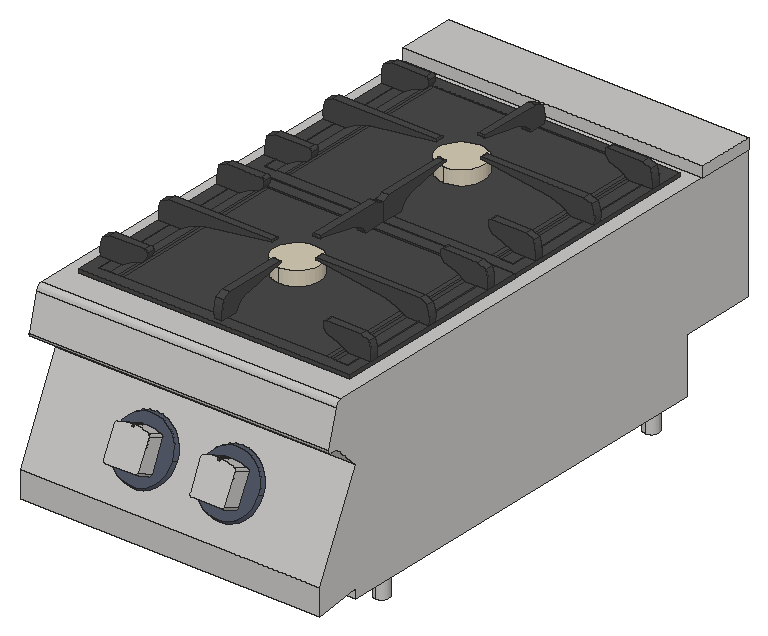
Revit family "QF_ZANUSSI_372146_Z7GCGD2C0A", category Specialty Equipment, Revit 2018
Family settings
  Round Connector Dimension = Use Diameter
  Part Type = Normal
  Work Plane-Based = No
  Always vertical = Yes
  Cut with Voids When Loaded = No
  Shared = No
  Room Calculation Point = No
Parameters (values of type "Standard")
  Weight = 20.00 kg
  Watts = 0 W
  Volts = 0 V
  URL Manufacturer = "http://www.zanussiprofessional.com"
  URL = "http://www.zanussiprofessional.com"
  Steam Supply Size = 0"
  Steam Supply Minimum Pressure = 0.00 psi
  Steam Supply Maximum Pressure = 0.00 psi
  Steam Pounds per Hour = 0
  Show Logo [instance] = yes
  Show Clearance [instance] = yes
  Refrigeration Suction Line Size = 0"
  Refrigeration Liquid Line Size = 0"
  Refrigerant Compressor Remote = yes
  Phase = 0
  Model = "Z7GCGD2C0A"
  Manufacturer = "Zanussi"
  Length Actual = 400 mm  # constant formula
  Item Number = "372146"
  Hot Water Size = 0"
  Height Actual = 250 mm  # constant formula
  HP = "0 HP"
  Gas Size = 1/2"
  Gas KW = 11
  Gas Input Pressure = 0.367718 Btu/h
  Direct Waste Size = 0"
  Description = "2-BURNER GAS BOILING TOP 400 MM (AGA)"
  Depth Actual = 700 mm  # constant formula
  Cycle = 0 Hz
  Condensate Return Size = 0"
  Compressed Air Volume = 0 GPM
  Compressed Air Size = 0"
  Compressed Air Pressure = 0.00 psi
  Cold Water Size = 0"
  Assembly Code = ""
  Accessory = yes
Reference planes
  plane 1 "BACK": y = 0
  plane 2: z = 0
  plane 3 "LEFT": x = 0
  plane 4 "RIGHT": x = 400
  plane 5 "FRONT": y = -715
  plane 6 "TOP": z = 274
  plane 7 "Center Y": x = 200
  plane 8 "Center X": y = -357.5
  plane 9: z = 24
  plane 10: z = 288.925
  plane 11: z = 308
  plane 12 "PANEL": through (-6096, -654.982, 186.002) normal (0, -0.8956, 0.4448)
Forms (mm)
  Extrusion 1, solid, material "QF_Finishes_Stainless Steel"
    sketch origin (0, 0.188, -0.612) x (0, 1, 0) y (0, 0, 1)
      loop
        line (-0.188, 98.613) -> (-0.188, 274.613) -> (-679.546, 274.613)
        arc (-679.546, 274.613) -> (-684.831, 272.423) -> (-687.02, 267.138) r 7.474
        line (-687.02, 267.138) -> (-700.071, 221.623)
        arc (-700.071, 221.623) -> (-699.583, 218.991) -> (-697.188, 217.796) r 3
        line (-697.188, 217.796) -> (-686.989, 217.796) -> (-655.169, 185.977) -> (-715.188, 65.121) -> (-715.188, 30.121) -> (-658.833, 38.041)
        arc (-658.833, 38.041) -> (-656.288, 37.287) -> (-655.188, 34.872) r 3.2
        line (-655.188, 34.872) -> (-655.188, 24.613) -> (-103.188, 24.613) -> (-103.188, 98.613) -> (-0.188, 98.613)
    from 0 to 400
  Extrusion 2, solid, material "QF_Finishes_Stainless Steel"
    sketch origin (0, -16, 0) x (1, 0, 0) y (0, 1, 0)
      loop
        circle (11.112, -132) r 9.525
      loop
        circle (388.888, -132) r 9.525
      loop
        circle (11.112, -582) r 9.525
      loop
        circle (388.888, -582) r 9.525
    from 0 to 24
  Extrusion 3, solid, material "QF_Finishes_Stainless Steel"
    sketch origin (0, 0, 0) x (0, 1, 0) y (0, 0, 1)
      loop
        line (0, 274) -> (0, 288.925) -> (-76.2, 288.925) -> (-76.2, 274) -> (0, 274)
    from 0 to 400
  Extrusion 4, solid, material "QF_Finishes_Clearance", visible <- "Show Clearance", detail levels coarse
    sketch origin (0, 0, 0) x (1, 0, 0) y (0, 1, 0)
      loop
        line (-150, -715) -> (0, -715) -> (0, 0) -> (400, 0) -> (400, -715) -> (550, -715) -> (550, 150) -> (-150, 150) -> (-150, -715)
    from 0 to 308.638
  Blend 5, solid, material "QF_Finishes_Navy Blue"
    base sketch origin (142.525, -684.991, 125.574) x (1, 0, 0) y (0, 0.444781, 0.895639)
      loop
        circle (-0.025, 0) r 42.5
    top sketch origin (142.525, -684.991, 125.574) x (1, 0, 0) y (0, 0.444781, 0.895639)
      loop
        circle (-0.025, 0) r 40.5
    from 0 to 5
  Extrusion 6, solid, material "QF_Finishes_Stainless Steel"
    sketch origin (142.525, -684.991, 125.574) x (1, 0, 0) y (0, 0.444781, 0.895639)
      loop
        arc (-21.172, 22.789) -> (-22.519, 21.685) -> (-23.025, 20.019) r 2.997
        line (-23.025, 20.019) -> (-23.025, -20.019)
        arc (-23.025, -20.019) -> (-22.147, -22.138) -> (-20.028, -23.016) r 2.997
        line (-20.028, -23.016) -> (19.978, -23.016)
        arc (19.978, -23.016) -> (22.097, -22.138) -> (22.975, -20.019) r 2.997
        line (22.975, -20.019) -> (22.975, 20.019)
        arc (22.975, 20.019) -> (22.469, 21.685) -> (21.122, 22.789) r 2.997
        arc (21.122, 22.789) -> (-0.025, 26.984) -> (-21.172, 22.789) r 55.4
    from 10 to 34
  Extrusion 7, solid, material "QF_Plastic-Black-Matte"
    sketch origin (200.025, -684.991, 125.574) x (0, 0.444781, 0.895639) y (0, -0.895639, 0.444781)
      loop
        line (26.984, 34) -> (26.984, 19) -> (27.984, 19) -> (27.984, 34)
        arc (27.984, 34) -> (27.691, 34.707) -> (26.984, 35) r 1
        line (26.984, 35) -> (23.984, 35) -> (23.984, 34) -> (26.984, 34)
    from -58.5 to -56.5
  Extrusion 8, solid, material "QF_Finishes_Stainless Steel"
    sketch origin (142.525, -684.991, 125.574) x (1, 0, 0) y (0, 0.444781, 0.895639)
      loop
        line (17.475, 17.5) -> (-17.525, 17.5) -> (-17.525, -17.5) -> (17.475, -17.5) -> (17.475, 17.5)
    from 5 to 10
  Extrusion 9, solid, material "QF_Plastic-Black-Matte"
    sketch origin (200.025, -684.991, 125.574) x (0, 0.444781, 0.895639) y (0, 0.895639, -0.444781)
      loop
        line (26.984, -34) -> (23.984, -34) -> (23.984, -35) -> (26.984, -35)
        arc (26.984, -35) -> (27.691, -34.707) -> (27.984, -34) r 1
        line (27.984, -34) -> (27.984, -19) -> (26.984, -19) -> (26.984, -34)
    from -58.5 to -56.5
  Extrusion 10, solid, material "QF_Finishes_Stainless Steel"
    sketch origin (257.525, -684.991, 125.574) x (-1, 0, 0) y (0, -0.444781, -0.895639)
      loop
        line (17.525, -17.5) -> (17.525, 17.5) -> (-17.475, 17.5) -> (-17.475, -17.5) -> (17.525, -17.5)
    from 5 to 10
  Blend 11, solid, material "QF_Finishes_Navy Blue"
    base sketch origin (257.525, -684.991, 125.574) x (1, 0, 0) y (0, 0.444781, 0.895639)
      loop
        circle (-0.025, 0) r 42.5
    top sketch origin (257.525, -684.991, 125.574) x (1, 0, 0) y (0, 0.444781, 0.895639)
      loop
        circle (-0.025, 0) r 40.5
    from 0 to 5
  Extrusion 12, solid, material "QF_Finishes_Stainless Steel"
    sketch origin (257.525, -684.991, 125.574) x (-1, 0, 0) y (0, -0.444781, -0.895639)
      loop
        arc (-21.122, -22.789) -> (0.025, -26.984) -> (21.172, -22.789) r 55.4
        arc (21.172, -22.789) -> (22.519, -21.685) -> (23.025, -20.019) r 2.997
        line (23.025, -20.019) -> (23.025, 20.019)
        arc (23.025, 20.019) -> (22.147, 22.138) -> (20.028, 23.016) r 2.997
        line (20.028, 23.016) -> (-19.978, 23.016)
        arc (-19.978, 23.016) -> (-22.097, 22.138) -> (-22.975, 20.019) r 2.997
        line (-22.975, 20.019) -> (-22.975, -20.019)
        arc (-22.975, -20.019) -> (-22.469, -21.685) -> (-21.122, -22.789) r 2.997
    from 10 to 34
  Extrusion 13, solid, material "QF_Finishes_Stainless Steel"
    sketch origin (0, 0, 0) x (1, 0, 0) y (0, 0, 1)
      loop
        circle (347, 57) r 6.35
    from 80.2 to 103.188
Lines and regions (mm)
  Split face 1
    outline origin (142.525, -689.469, 127.797) x (1, 0, 0) y (0, 0.444781, 0.895639)
      loop
        circle (-33, 0) r 3
  Split face 2
    outline origin (263.426, -689.469, 127.797) x (1, 0, 0) y (0, 0.444781, 0.895639)
      loop
        line (-8.901, 38.561) -> (-8.901, 28.561) -> (-2.901, 28.561) -> (-2.901, 38.561) -> (-8.901, 38.561)
  Split face 3
    outline origin (263.426, -689.469, 127.797) x (1, 0, 0) y (0, 0.444781, 0.895639)
      loop
        line (-8.401, 38.061) -> (-8.401, 29.061) -> (-3.401, 29.061) -> (-3.401, 38.061) -> (-8.401, 38.061)
  Split face 4
    outline origin (263.426, -689.469, 127.797) x (1, 0, 0) y (0, 0.444781, 0.895639)
      loop
        line (-8.401, 33.561) -> (-3.401, 33.561)
  Split face 5
    outline origin (263.426, -689.469, 127.797) x (1, 0, 0) y (0, 0.444781, 0.895639)
      loop
        line (-8.401, 33.061) -> (-3.401, 33.061)
  Split face 6
    outline origin (148.426, -689.469, 127.797) x (1, 0, 0) y (0, 0.444781, 0.895639)
      loop
        line (-8.901, 38.561) -> (-8.901, 28.561) -> (-2.901, 28.561) -> (-2.901, 38.561) -> (-8.901, 38.561)
  Split face 7
    outline origin (148.426, -689.469, 127.797) x (1, 0, 0) y (0, 0.444781, 0.895639)
      loop
        line (-8.401, 38.061) -> (-8.401, 29.061) -> (-3.401, 29.061) -> (-3.401, 38.061) -> (-8.401, 38.061)
  Split face 8
    outline origin (148.426, -689.469, 127.797) x (1, 0, 0) y (0, 0.444781, 0.895639)
      loop
        line (-8.401, 34.061) -> (-3.401, 34.061)
  Split face 9
    outline origin (148.426, -689.469, 127.797) x (1, 0, 0) y (0, 0.444781, 0.895639)
      loop
        line (-8.401, 33.561) -> (-3.401, 33.561)
  Split face 10
    outline origin (168.182, -675.159, 156.613) x (-1, 0, 0) y (0, -0.444781, -0.895639)
      loop
        circle (43.456, 61.543) r 1.5
  Split face 11
    outline origin (148.426, -689.469, 127.797) x (1, 0, 0) y (0, 0.444781, 0.895639)
      loop
        circle (-5.901, 31.311) r 2.029
  Split face 12
    outline origin (263.426, -689.469, 127.797) x (1, 0, 0) y (0, 0.444781, 0.895639)
      loop
        circle (-5.901, 35.811) r 2.031
  Split face 13
    outline origin (142.525, -689.469, 127.797) x (1, 0, 0) y (0, 0.444781, 0.895639)
      loop
        circle (-24.487, 26.694) r 3.497
  Split face 14
    outline origin (257.525, -689.469, 127.797) x (1, 0, 0) y (0, 0.444781, 0.895639)
      loop
        circle (-24.487, 26.694) r 3.497
  Split face 15
    outline origin (257.525, -689.469, 127.797) x (1, 0, 0) y (0, 0.444781, 0.895639)
      loop
        circle (-33, 0) r 3
  Split face 16
    outline origin (257.525, -689.469, 127.797) x (1, 0, 0) y (0, 0.444781, 0.895639)
      loop
        circle (-17.8, -29.371) r 1.5
  symbolic lines
    curve 1: line (0, 0, 0) -> (0, -715, 0)
    curve 2: line (400, 0, 0) -> (0, 0, 0)
    curve 3: line (400, -715, 0) -> (400, 0, 0)
    curve 4: line (0, -76.2, 0) -> (400, -76.2, 0)
    curve 5: line (0, -700, 0) -> (400, -700, 0)
    curve 9: line (119.5, -700, 0) -> (119.5, -724.347, 0)
    curve 10: arc (119.5, -724.347, 0) -> (119.646, -724.811, 0) -> (120.032, -725.107, 0) r 0.809
    curve 11: arc (120.032, -725.107, 0) -> (121.22, -725.587, 0) -> (122.497, -725.68, 0) r 4.127
    curve 12: arc (119.5, -704.292, 0) -> (114.459, -702.458, 0) -> (109.691, -700, 0) r 42.24
    curve 13: arc (119.5, -706.539, 0) -> (120.002, -705.818, 0) -> (120.799, -705.448, 0) r 1.682
    curve 14: arc (120.799, -705.448, 0) -> (131.102, -703.95, 0) -> (141.5, -703.441, 0) r 109.079
    curve 15: line (141.5, -700, 0) -> (141.5, -705.671, 0)
    curve 16: line (141.5, -705.671, 0) -> (143.5, -705.671, 0)
    curve 17: line (143.5, -705.671, 0) -> (143.5, -700, 0)
    curve 18: line (165.5, -700, 0) -> (165.5, -724.347, 0)
    curve 19: arc (165.5, -724.347, 0) -> (165.354, -724.811, 0) -> (164.968, -725.107, 0) r 0.809
    curve 20: arc (164.968, -725.107, 0) -> (163.78, -725.587, 0) -> (162.503, -725.68, 0) r 4.127
    curve 21: arc (165.5, -704.292, 0) -> (170.541, -702.458, 0) -> (175.309, -700, 0) r 42.24
    curve 22: arc (165.5, -706.539, 0) -> (164.998, -705.818, 0) -> (164.201, -705.448, 0) r 1.682
    curve 23: arc (164.201, -705.448, 0) -> (153.898, -703.95, 0) -> (143.5, -703.441, 0) r 109.079
    curve 24: line (122.497, -725.68, 0) -> (162.503, -725.68, 0)
    curve 25: line (280.5, -700, 0) -> (280.5, -724.347, 0)
    curve 26: arc (280.5, -724.347, 0) -> (280.354, -724.811, 0) -> (279.968, -725.107, 0) r 0.809
    curve 27: arc (279.968, -725.107, 0) -> (278.78, -725.587, 0) -> (277.503, -725.68, 0) r 4.127
    curve 28: arc (280.5, -704.292, 0) -> (285.541, -702.458, 0) -> (290.309, -700, 0) r 42.24
    curve 29: arc (280.5, -706.539, 0) -> (279.998, -705.818, 0) -> (279.201, -705.448, 0) r 1.682
    curve 30: arc (279.201, -705.448, 0) -> (268.898, -703.95, 0) -> (258.5, -703.441, 0) r 109.079
    curve 31: line (258.5, -700, 0) -> (258.5, -705.671, 0)
    curve 32: line (258.5, -705.671, 0) -> (256.5, -705.671, 0)
    curve 33: line (256.5, -705.671, 0) -> (256.5, -700, 0)
    curve 34: line (234.5, -700, 0) -> (234.5, -724.347, 0)
    curve 35: arc (234.5, -724.347, 0) -> (234.646, -724.811, 0) -> (235.032, -725.107, 0) r 0.809
    curve 36: arc (235.032, -725.107, 0) -> (236.22, -725.587, 0) -> (237.497, -725.68, 0) r 4.127
    curve 37: arc (234.5, -704.292, 0) -> (229.459, -702.458, 0) -> (224.691, -700, 0) r 42.24
    curve 38: arc (234.5, -706.539, 0) -> (235.002, -705.818, 0) -> (235.799, -705.448, 0) r 1.682
    curve 39: arc (235.799, -705.448, 0) -> (246.102, -703.95, 0) -> (256.5, -703.441, 0) r 109.079
    curve 40: line (277.503, -725.68, 0) -> (237.497, -725.68, 0)
    curve 41: line (165.5, -715, 0) -> (234.5, -715, 0)
    curve 42: line (280.5, -715, 0) -> (400, -715, 0)
    curve 43: line (0, -715, 0) -> (119.5, -715, 0)
  symbolic lines, style "QF-Clearances", visible <- "Show Clearance", detail levels coarse
    curve 6: line (-150, -714.879, 0) -> (-150, 150, 0)
    curve 7: line (-150, 150, 0) -> (550, 150, 0)
    curve 8: line (550, 150, 0) -> (550, -714.879, 0)
Dimensions and locks
  equal spacing: plane 3 "LEFT", plane 7 "Center Y", plane 4 "RIGHT"
  plane 3 "LEFT" to plane 4 "RIGHT" = 400 mm
  equal spacing: plane 5 "FRONT", plane 8 "Center X", plane 1 "BACK"
  plane 5 "FRONT" to plane 1 "BACK" = 715 mm
  plane 10 to level = 288.925 mm
  plane 6 "TOP" to plane 9 = 250 mm
  plane 9 to level = 24 mm  (x2)
  plane 11 to plane 6 "TOP" = 34 mm
  plane 1 "BACK" to plane 5 "FRONT" = 715 mm
  plane 6 "TOP" to level = 274 mm
  aligned and locked: level to plane 2
  aligned and locked: plane 4 "RIGHT" to Extrusion 1
  aligned and locked: plane 4 "RIGHT" to Extrusion 3
Automatic sketch dimensions
  Extrusion 3 sketch curve to plane 6 "TOP" = 0 mm
  Extrusion 3 sketch curve to plane 10 = 0 mm
  Extrusion 3 sketch curve to plane 1 "BACK" = 0 mm
  plane 1 "BACK" to Extrusion 3 sketch curve = 76.2 mm
  Extrusion 6 sketch curve to Extrusion 6 sketch curve = 2.997 mm  (x4)
  Extrusion 6 sketch curve to Extrusion 6 sketch curve = 20.003 mm  (x2)
  Extrusion 6 sketch curve to Extrusion 6 sketch curve = 0 mm  (x2)
  Extrusion 7 sketch curve to Extrusion 7 sketch curve = 3 mm
  Extrusion 7 sketch curve to Extrusion 7 sketch curve = 0 mm  (x2)
  Extrusion 7 sketch curve to Extrusion 7 sketch curve = 1 mm
  Extrusion 8 sketch curve to Extrusion 8 sketch curve = 35 mm  (x2)
  Extrusion 9 sketch curve to Extrusion 9 sketch curve = 3 mm
  Extrusion 9 sketch curve to Extrusion 9 sketch curve = 0 mm
  Extrusion 9 sketch curve to Extrusion 9 sketch curve = 1 mm  (x2)
  Extrusion 10 sketch curve to Extrusion 10 sketch curve = 35 mm  (x2)
  Extrusion 12 sketch curve to Extrusion 12 sketch curve = 2.997 mm  (x4)
  Extrusion 12 sketch curve to Extrusion 12 sketch curve = 20.003 mm  (x2)
  Extrusion 12 sketch curve to Extrusion 12 sketch curve = 0 mm  (x2)
  Extrusion 6 sketch curve to Extrusion 6 sketch curve = 5.399 mm
  Extrusion 6 sketch curve to Extrusion 6 sketch curve = 40.037 mm
  Extrusion 7 sketch curve to Extrusion 7 sketch curve = 15 mm
  Extrusion 9 sketch curve to Extrusion 9 sketch curve = 15 mm
  Extrusion 12 sketch curve to Extrusion 12 sketch curve = 5.399 mm
  Extrusion 12 sketch curve to Extrusion 12 sketch curve = 40.037 mm
  Split face 2 sketch curve to Split face 2 sketch curve = 6 mm
  Split face 2 sketch curve to Split face 2 sketch curve = 10 mm
  Split face 3 sketch curve to Split face 3 sketch curve = 5 mm
  Split face 3 sketch curve to Split face 3 sketch curve = 9 mm
  Split face 4 sketch curve to Split face 4 sketch curve = 5 mm
  Split face 5 sketch curve to Split face 5 sketch curve = 5 mm
  Split face 6 sketch curve to Split face 6 sketch curve = 6 mm
  Split face 6 sketch curve to Split face 6 sketch curve = 10 mm
  Split face 7 sketch curve to Split face 7 sketch curve = 5 mm
  Split face 7 sketch curve to Split face 7 sketch curve = 9 mm
  Split face 8 sketch curve to Split face 8 sketch curve = 5 mm
  Split face 9 sketch curve to Split face 9 sketch curve = 5 mm
  Blend 5 sketch curve to plane 7 "Center Y" = 57.5 mm  (x2)
  Extrusion 6 sketch curve to plane 7 "Center Y" = 80.5 mm
  plane 12 "PANEL" to Extrusion 7 sketch curve = 35 mm
  Extrusion 7 sketch curve to plane 5 "FRONT" = 9.329 mm
  Extrusion 8 sketch curve to plane 7 "Center Y" = 75 mm
  plane 12 "PANEL" to Extrusion 9 sketch curve = 35 mm
  Extrusion 9 sketch curve to plane 5 "FRONT" = 9.329 mm
  plane 7 "Center Y" to Extrusion 10 sketch curve = 75 mm
  plane 7 "Center Y" to Blend 11 sketch curve = 57.5 mm  (x2)
  plane 7 "Center Y" to Extrusion 12 sketch curve = 80.5 mm
  Extrusion 2 sketch curve to Extrusion 2 sketch curve = 0 mm  (x8)
  plane 3 "LEFT" to Extrusion 2 sketch curve = 11.112 mm  (x2)
  Extrusion 2 sketch curve to plane 4 "RIGHT" = 11.112 mm  (x2)
  Extrusion 2 sketch curve to plane 5 "FRONT" = 117 mm  (x2)
  plane 1 "BACK" to Extrusion 2 sketch curve = 148 mm  (x2)
  Extrusion 2 sketch curve to Extrusion 2 sketch curve = 9.525 mm  (x4)
  plane 5 "FRONT" to Extrusion 4 sketch curve = 0 mm  (x2)
  Extrusion 4 sketch curve to plane 3 "LEFT" = 0 mm
  plane 1 "BACK" to Extrusion 4 sketch curve = 0 mm
  Extrusion 4 sketch curve to plane 4 "RIGHT" = 0 mm
  Extrusion 4 sketch curve to plane 3 "LEFT" = 150 mm
  plane 4 "RIGHT" to Extrusion 4 sketch curve = 150 mm
  Extrusion 4 sketch curve to plane 1 "BACK" = 150 mm
  Extrusion 13 sketch curve to plane 4 "RIGHT" = 53 mm
  plane 9 to Extrusion 13 sketch curve = 33 mm
  plane 1 "BACK" to curve 2 = 0 mm
  curve 2 to plane 3 "LEFT" = 0 mm
  plane 5 "FRONT" to curve 41 = 0 mm
  plane 5 "FRONT" to curve 42 = 0 mm
  curve 3 to plane 4 "RIGHT" = 0 mm
  plane 5 "FRONT" to curve 1 = 0 mm
  curve 7 to plane 3 "LEFT" = 150 mm
  plane 5 "FRONT" to curve 9 = 9.347 mm
  curve 9 to plane 7 "Center Y" = 80.5 mm
  curve 9 to curve 10 = 0.809 mm
  curve 13 to curve 13 = 1.583 mm
  curve 10 to curve 11 = 1.846 mm
  curve 10 to curve 24 = 2.189 mm
  curve 9 to curve 12 = 11.892 mm
  curve 16 to plane 5 "FRONT" = 9.329 mm
  curve 13 to curve 16 = 20.417 mm
  curve 14 to plane 7 "Center Y" = 58.369 mm
  curve 14 to curve 23 = 1.738 mm
  curve 15 to curve 16 = 2 mm
  curve 12 to curve 21 = 22.215 mm
  curve 16 to curve 24 = 19.003 mm
  curve 24 to curve 20 = 0.343 mm
  curve 20 to curve 22 = 1.071 mm
  curve 24 to curve 19 = 2.189 mm
  curve 19 to curve 18 = 0.809 mm
  plane 5 "FRONT" to curve 34 = 9.347 mm
  plane 7 "Center Y" to curve 34 = 34.5 mm
  curve 35 to curve 35 = 0.809 mm
  curve 38 to curve 38 = 1.583 mm
  curve 35 to curve 36 = 1.846 mm
  curve 35 to curve 40 = 2.189 mm
  curve 34 to curve 37 = 11.892 mm
  curve 32 to plane 5 "FRONT" = 9.329 mm
  curve 38 to curve 32 = 20.417 mm
  plane 7 "Center Y" to curve 39 = 56.631 mm
  curve 39 to curve 30 = 1.738 mm
  curve 32 to curve 32 = 2 mm
  curve 37 to curve 28 = 22.215 mm
  curve 31 to curve 40 = 19.003 mm
  curve 27 to curve 27 = 0.343 mm
  curve 27 to curve 29 = 1.071 mm
  curve 27 to curve 26 = 2.189 mm
  curve 26 to curve 25 = 0.809 mm
  plane 4 "RIGHT" to curve 7 = 150 mm
  curve 24 to curve 10 = 1.333 mm
  plane 5 "FRONT" to curve 40 = 10.68 mm
  curve 39 to curve 36 = 86.839 mm
  curve 14 to curve 24 = 86.839 mm
  curve 39 to curve 30 = 0 mm
  curve 14 to curve 23 = 0 mm
  curve 24 to curve 19 = 1.333 mm
  curve 27 to curve 25 = 1.333 mm
  curve 35 to curve 36 = 2.779 mm
  curve 26 to curve 27 = 2.779 mm
  curve 19 to curve 20 = 2.779 mm
  curve 10 to curve 11 = 2.779 mm
  curve 29 to plane 5 "FRONT" = 7.894 mm
  curve 13 to plane 5 "FRONT" = 7.894 mm
  curve 38 to plane 5 "FRONT" = 7.894 mm
  curve 22 to plane 5 "FRONT" = 7.894 mm
  curve 32 to curve 37 = 41.91 mm
  curve 16 to curve 21 = 41.91 mm
  curve 37 to curve 28 = 0 mm
  curve 12 to curve 21 = 0 mm
  curve 7 to plane 1 "BACK" = 150 mm
  curve 12 to curve 9 = 9.809 mm
  curve 13 to curve 13 = 0.284 mm
  curve 22 to curve 22 = 0.284 mm
  curve 18 to curve 21 = 9.809 mm
  curve 37 to curve 34 = 9.809 mm
  curve 38 to curve 38 = 0.284 mm
  curve 29 to curve 29 = 0.284 mm
  curve 25 to curve 28 = 9.809 mm
  curve 6 to plane 5 "FRONT" = 0.121 mm
  curve 8 to plane 5 "FRONT" = 0.121 mm
  curve 22 to curve 22 = 0.567 mm
  curve 38 to curve 38 = 0.567 mm
  curve 29 to curve 29 = 0.567 mm
  curve 13 to curve 13 = 0.567 mm
  curve 23 to curve 21 = 1.156 mm
  plane 1 "BACK" to curve 4 = 76.2 mm
  plane 9 to Extrusion 1 sketch curve = 5.508 mm
  Extrusion 1 sketch curve to plane 5 "FRONT" = 0 mm
  Extrusion 1 sketch curve to plane 6 "TOP" = 52.989 mm
  Extrusion 1 sketch curve to Extrusion 1 sketch curve = 15.116 mm
  Extrusion 1 sketch curve to Extrusion 1 sketch curve = 2.884 mm
  Extrusion 1 sketch curve to plane 11 = 41.474 mm
  Extrusion 1 sketch curve to Extrusion 1 sketch curve = 13.051 mm
  Extrusion 1 sketch curve to plane 6 "TOP" = 56.816 mm
  Extrusion 1 sketch curve to Extrusion 1 sketch curve = 10.198 mm
  Extrusion 1 sketch curve to plane 11 = 34 mm
  plane 9 to Extrusion 1 sketch curve = 13.428 mm
  Extrusion 1 sketch curve to Extrusion 1 sketch curve = 56.355 mm
  Extrusion 1 sketch curve to Extrusion 1 sketch curve = 0.445 mm
  Extrusion 1 sketch curve to Extrusion 1 sketch curve = 3.2 mm
  Extrusion 1 sketch curve to plane 6 "TOP" = 88.636 mm
  Extrusion 1 sketch curve to Extrusion 1 sketch curve = 31.82 mm
  plane 1 "BACK" to Extrusion 1 sketch curve = 103 mm
  Extrusion 1 sketch curve to plane 1 "BACK" = 0 mm
  plane 9 to Extrusion 1 sketch curve = 0 mm
  Extrusion 1 sketch curve to Extrusion 1 sketch curve = 35 mm
  Extrusion 1 sketch curve to Extrusion 1 sketch curve = 74 mm
  radius of Blend 5 sketch curve = 42.5 mm
  radius of Blend 5 sketch curve = 40.5 mm
  radius of Blend 11 sketch curve = 42.5 mm
  radius of Blend 11 sketch curve = 40.5 mm
  radius of Split face 1 sketch curve = 3 mm
  radius of Split face 10 sketch curve = 1.5 mm
  radius of Split face 11 sketch curve = 2.029 mm
  radius of Split face 12 sketch curve = 2.031 mm
  radius of Split face 13 sketch curve = 3.497 mm
  radius of Split face 14 sketch curve = 3.497 mm
  radius of Split face 15 sketch curve = 3 mm
  radius of Split face 16 sketch curve = 1.5 mm
  radius of Extrusion 13 sketch curve = 6.35 mm
Nested families
  nested 1: "QF_372000_BURNER" at (12.525, 1.3, -576.213), type "QF_372000_BURNER"
    with Type Mark "", Status "", Specification by User "", Revision Code "", Item Number "", Installed By "", Identify Quantity as Lot yes, Furnished By "", Foodservice Equipment Identifier yes
  nested 2: "QF_372000_BURNER" at (12.525, -732.815, -576.213), type "QF_372000_BURNER"
    with Type Mark "", Status "", Specification by User "", Revision Code "", Item Number "", Installed By "", Identify Quantity as Lot yes, Furnished By "", Foodservice Equipment Identifier yes
Connectors
  piping at (347, -80.2, 57), diameter 12.7, driven by "Gas Size"
    settings: on Extrusion 13, index 1, connector inside diameter 24", connector length 0 mm, flow factor 0, pipe flow 0 GPM, pressure drop 0.00 psi, fitting loss kfactor 0, connector angle 0.00°, fixture units 0, engagement length 0 mm, angle of deflection 0.00°, flow configuration 1, flow direction 1, fitting loss method 0, system type 7, joint type 0, gender type 0, connector reference index -1, connector utility 0, adjustable connector no, is connector primary yes, connector description "Gas Connection"
Definition of nested family "QF_372000_BURNER"
  Parameters
    Weight in Pounds = 0
    URL Cutsheet = ""
    URL = "www.electrolux.com"
    Type Mark [instance] = ""
    Status [instance] = ""
    Specification by User [instance] = ""
    Specification by Manufacturer = ""
    Serial Number = ""
    Seismic Rating = ""
    SMACNA No = ""
    Revision Code [instance] = ""
    Omniclass Number and Title = ""
    NAFEM Spec ID Number = ""
    Model = "371009"
    Masterspec = ""
    Manufacturer = "ELECTROLUX"
    Item Number [instance] = ""
    Installed By [instance] = ""
    Identify Quantity as Lot [instance] = yes
    Furnished By [instance] = ""
    Foodservice Equipment Identifier [instance] = yes
    Description = ""
    CSI MasterFormat = ""
    CSI Master Format = ""
  Reference planes
    plane 1 "BACK": y = 0
    plane 2: z = 0
    plane 3 "LEFT": x = 0
    plane 4 "RIGHT": x = 800
    plane 5 "FRONT": y = -700
    plane 6 "TOP": z = 908.85
    plane 7 "Center Y": x = 400
    plane 8 "Center X": y = -350
    plane 9 "Base": z = 150
    plane 10: z = 850.85
  Forms (mm)
    Extrusion 1, solid
      sketch origin (0, -734.127, 5) x (1, 0, 0) y (0, 0, -1)
        loop
          arc (7.142, -850.85) -> (6.739, -862.989) -> (9.761, -874.752) r 42.809
          line (9.761, -874.752) -> (19.961, -879.425) -> (157.339, -879.425)
          arc (157.339, -879.425) -> (158.533, -878.312) -> (157.506, -877.043) r 1.197
          line (157.506, -877.043) -> (64.848, -864.021)
          arc (64.848, -864.021) -> (50.111, -858.738) -> (36.589, -850.85) r 85.245
          line (36.589, -850.85) -> (7.142, -850.85)
        loop
          line (367.858, -850.85) -> (338.411, -850.85)
          arc (338.411, -850.85) -> (324.889, -858.738) -> (310.152, -864.021) r 85.245
          line (310.152, -864.021) -> (217.494, -877.043)
          arc (217.494, -877.043) -> (216.467, -878.312) -> (217.661, -879.425) r 1.197
          line (217.661, -879.425) -> (355.039, -879.425) -> (365.239, -874.752)
          arc (365.239, -874.752) -> (368.261, -862.989) -> (367.858, -850.85) r 42.809
      from 224.564 to 234.564
    Extrusion 2, solid
      sketch origin (0, -734.127, 5) x (1, 0, 0) y (0, 0, -1)
        loop
          arc (7.056, -850.85) -> (6.705, -862.948) -> (9.748, -874.663) r 42.876
          line (9.748, -874.663) -> (19.961, -879.425) -> (65.851, -879.425)
          arc (65.851, -879.425) -> (68.577, -878.352) -> (69.841, -875.709) r 4
          arc (69.841, -875.709) -> (68.75, -869.25) -> (64.816, -864.012) r 13.87
          arc (64.816, -864.012) -> (50.096, -858.731) -> (36.589, -850.85) r 85.245
          line (36.589, -850.85) -> (7.056, -850.85)
        loop
          line (367.944, -850.85) -> (338.411, -850.85)
          arc (338.411, -850.85) -> (324.904, -858.731) -> (310.184, -864.012) r 85.245
          arc (310.184, -864.012) -> (306.25, -869.25) -> (305.159, -875.709) r 13.87
          arc (305.159, -875.709) -> (306.423, -878.352) -> (309.149, -879.425) r 4
          line (309.149, -879.425) -> (355.039, -879.425) -> (365.252, -874.663)
          arc (365.252, -874.663) -> (368.295, -862.948) -> (367.944, -850.85) r 42.876
      from 127.064 to 137.064
    Extrusion 3, solid
      sketch origin (0, -275, 5) x (1, 0, 0) y (0, 0, 1)
        loop
          arc (64.816, 864.012) -> (68.75, 869.25) -> (69.841, 875.709) r 13.87
          arc (69.841, 875.709) -> (68.577, 878.352) -> (65.851, 879.425) r 4
          line (65.851, 879.425) -> (19.961, 879.425) -> (9.748, 874.663)
          arc (9.748, 874.663) -> (6.705, 862.948) -> (7.056, 850.85) r 42.876
          line (7.056, 850.85) -> (36.589, 850.85)
          arc (36.589, 850.85) -> (50.096, 858.731) -> (64.816, 864.012) r 85.245
        loop
          arc (310.184, 864.012) -> (324.904, 858.731) -> (338.411, 850.85) r 85.245
          line (338.411, 850.85) -> (367.944, 850.85)
          arc (367.944, 850.85) -> (368.295, 862.948) -> (365.252, 874.663) r 42.876
          line (365.252, 874.663) -> (355.039, 879.425) -> (309.149, 879.425)
          arc (309.149, 879.425) -> (306.423, 878.352) -> (305.159, 875.709) r 4
          arc (305.159, 875.709) -> (306.25, 869.25) -> (310.184, 864.012) r 13.87
      from 127.064 to 137.064
    Extrusion 4, solid
      sketch origin (454.964, -29.48, 5) x (0, -1, 0) y (0, 0, 1)
        loop
          arc (366.649, 850.85) -> (375.927, 861.743) -> (389.337, 866.736) r 28.426
          line (389.337, 866.736) -> (441.256, 877.043)
          arc (441.256, 877.043) -> (442.283, 878.312) -> (441.089, 879.425) r 1.197
          line (441.089, 879.425) -> (347.797, 879.425)
          arc (347.797, 879.425) -> (343.211, 875.934) -> (337.583, 874.694) r 13.39
          line (337.583, 874.694) -> (337.583, 850.85) -> (366.649, 850.85)
        loop
          arc (606.236, 850.85) -> (606.587, 862.948) -> (603.543, 874.663) r 42.876
          line (603.543, 874.663) -> (593.33, 879.425) -> (509.077, 879.425)
          arc (509.077, 879.425) -> (507.883, 878.312) -> (508.911, 877.043) r 1.197
          line (508.911, 877.043) -> (560.83, 866.736)
          arc (560.83, 866.736) -> (574.239, 861.743) -> (583.518, 850.85) r 28.426
          line (583.518, 850.85) -> (606.236, 850.85)
      from 262.464 to 272.464
    Extrusion 5, solid
      sketch origin (0, 0, 850.85) x (0, -1, 0) y (1, 0, 0)
        loop
          line (642.216, 6.433) -> (642.216, 368.567) -> (367.857, 368.567) -> (367.857, 6.433) -> (642.216, 6.433)
        loop
          line (382.857, 21.433) -> (627.216, 21.433) -> (627.216, 353.567) -> (382.857, 353.567) -> (382.857, 21.433)
      from 0 to 5
    Extrusion 6, solid
      sketch origin (-12.5, 0, 855.85) x (0, -1, 0) y (1, 0, 0)
        loop
          circle (504.356, 200) r 30
      from -1.321 to 17.134
    Extrusion 7, solid
      sketch origin (0, -734.127, 0) x (1, 0, 0) y (0, 0, -1)
        loop
          line (21.433, -855.85) -> (36.589, -855.85)
          arc (36.589, -855.85) -> (40.561, -855.243) -> (44.305, -853.783) r 18.259
          arc (44.305, -853.783) -> (45.997, -853.366) -> (47.69, -853.783) r 3.649
          arc (47.69, -853.783) -> (49.901, -854.522) -> (52.232, -854.529) r 7.328
          line (52.232, -854.529) -> (322.768, -854.529)
          arc (322.768, -854.529) -> (325.099, -854.522) -> (327.31, -853.783) r 7.328
          arc (327.31, -853.783) -> (329.003, -853.366) -> (330.695, -853.783) r 3.649
          arc (330.695, -853.783) -> (334.439, -855.243) -> (338.411, -855.85) r 18.259
          line (338.411, -855.85) -> (353.567, -855.85) -> (353.567, -850.85) -> (21.433, -850.85) -> (21.433, -855.85)
      from 106.911 to 351.27
  Lines and regions (mm)
    symbolic lines
      curve 1: line (6.433, -642.216, 150) -> (368.567, -642.216, 150)
      curve 2: line (6.433, -367.857, 150) -> (6.433, -642.216, 150)
      curve 3: line (368.567, -367.857, 150) -> (192.5, -367.857, 150)
      curve 4: line (368.567, -642.216, 150) -> (368.567, -367.857, 150)
      curve 5: line (353.567, -382.857, 150) -> (192.5, -382.857, 150)
      curve 6: line (353.567, -627.216, 150) -> (353.567, -607.064, 150)
      curve 7: line (21.433, -627.216, 150) -> (182.5, -627.216, 150)
      curve 8: line (21.433, -382.857, 150) -> (21.433, -402.064, 150)
      curve 9: line (52.232, -627.216, 150) -> (52.232, -607.064, 150)
      curve 10: line (322.567, -382.857, 150) -> (322.567, -402.064, 150)
      curve 11: line (148.125, -499.564, 150) -> (148.125, -382.857, 150)
      curve 12: line (154.375, -382.857, 150) -> (154.375, -499.564, 150)
      curve 13: arc (148.297, -509.564, 150) -> (159.191, -533.254, 150) -> (182.5, -544.942, 150) r 39.375
      curve 14: arc (220.42, -509.564, 150) -> (211.39, -528.832, 150) -> (192.5, -538.631, 150) r 33.125
      curve 15: line (220.625, -382.857, 150) -> (220.625, -499.564, 150)
      curve 16: line (226.875, -499.564, 150) -> (226.875, -382.857, 150)
      curve 17: line (192.5, -636.339, 150) -> (192.5, -535.619, 150)
      curve 18: arc (182.657, -474.75, 150) -> (166.195, -483.236, 150) -> (157.853, -499.771, 150) r 30
      curve 19: arc (192.224, -533.982, 150) -> (208.621, -525.661, 150) -> (217.084, -509.337, 150) r 30
      curve 20: line (368.567, -597.064, 150) -> (305.159, -597.064, 150)
      curve 21: line (6.433, -607.064, 150) -> (69.841, -607.064, 150)
      curve 22: line (6.433, -509.564, 150) -> (156.429, -509.564, 150)
      curve 23: line (368.567, -499.564, 150) -> (218.571, -499.564, 150)
      curve 24: line (6.433, -412.064, 150) -> (69.841, -412.064, 150)
      curve 25: line (368.567, -402.064, 150) -> (305.159, -402.064, 150)
      curve 26: line (69.841, -597.064, 150) -> (6.433, -597.064, 150)
      curve 27: line (305.159, -607.064, 150) -> (368.567, -607.064, 150)
      curve 28: line (69.841, -402.064, 150) -> (6.433, -402.064, 150)
      curve 29: line (305.159, -412.064, 150) -> (368.567, -412.064, 150)
      curve 30: arc (69.841, -597.064, 150) -> (74.841, -602.064, 150) -> (69.841, -607.064, 150) r 5
      curve 31: arc (305.159, -607.064, 150) -> (300.159, -602.064, 150) -> (305.159, -597.064, 150) r 5
      curve 32: arc (69.841, -402.064, 150) -> (74.841, -407.064, 150) -> (69.841, -412.064, 150) r 5
      curve 33: arc (305.159, -412.064, 150) -> (300.159, -407.064, 150) -> (305.159, -402.064, 150) r 5
      curve 34: line (21.433, -412.064, 150) -> (21.433, -499.564, 150)
      curve 35: line (52.232, -402.064, 150) -> (52.232, -382.857, 150)
      curve 36: line (21.433, -509.564, 150) -> (21.433, -597.064, 150)
      curve 37: line (52.232, -499.564, 150) -> (52.232, -412.064, 150)
      curve 38: line (52.232, -597.064, 150) -> (52.232, -509.564, 150)
      curve 39: line (21.433, -607.064, 150) -> (21.433, -627.216, 150)
      curve 40: line (322.567, -607.064, 150) -> (322.567, -627.216, 150)
      curve 41: line (353.567, -597.064, 150) -> (353.567, -509.564, 150)
      curve 42: line (322.567, -509.564, 150) -> (322.567, -597.064, 150)
      curve 43: line (353.567, -499.564, 150) -> (353.567, -412.064, 150)
      curve 44: line (353.567, -402.064, 150) -> (353.567, -382.857, 150)
      curve 45: line (322.567, -412.064, 150) -> (322.567, -499.564, 150)
      curve 46: line (156.429, -499.564, 150) -> (6.433, -499.564, 150)
      curve 47: line (218.571, -509.564, 150) -> (368.567, -509.564, 150)
      curve 48: arc (218.571, -499.564, 150) -> (213.571, -504.564, 150) -> (218.571, -509.564, 150) r 5
      curve 49: arc (156.429, -499.564, 150) -> (161.429, -504.564, 150) -> (156.429, -509.564, 150) r 5
      curve 50: arc (157.916, -509.337, 150) -> (166.379, -525.661, 150) -> (182.776, -533.982, 150) r 30
      curve 51: arc (217.147, -499.771, 150) -> (208.805, -483.236, 150) -> (192.343, -474.75, 150) r 30
      curve 52: line (182.5, -535.619, 150) -> (182.5, -636.339, 150)
      curve 53: line (192.5, -473.508, 150) -> (192.5, -367.064, 150)
      curve 54: arc (192.5, -535.619, 150) -> (187.5, -530.619, 150) -> (182.5, -535.619, 150) r 5
      curve 55: arc (192.5, -473.508, 150) -> (187.5, -478.508, 150) -> (182.5, -473.508, 150) r 5
      curve 56: line (182.5, -367.857, 150) -> (6.433, -367.857, 150)
      curve 57: line (182.5, -382.857, 150) -> (21.433, -382.857, 150)
      curve 58: arc (192.5, -404.571, 150) -> (196.398, -417.071, 150) -> (192.5, -429.571, 150) r 21.993
      curve 59: arc (196.181, -420.148, 150) -> (199.482, -417.071, 150) -> (196.181, -413.995, 150) r 3.084
      curve 60: arc (182.5, -404.571, 150) -> (178.602, -417.071, 150) -> (182.5, -429.571, 150) r 21.993
      curve 61: arc (178.819, -420.148, 150) -> (175.518, -417.071, 150) -> (178.819, -413.995, 150) r 3.084
      curve 62: line (182.5, -367.064, 150) -> (182.5, -473.508, 150)
      curve 63: arc (182.5, -538.631, 150) -> (163.61, -528.832, 150) -> (154.58, -509.564, 150) r 33.125
      curve 64: arc (192.5, -544.942, 150) -> (215.809, -533.254, 150) -> (226.703, -509.564, 150) r 39.375
      curve 65: line (182.5, -636.339, 150) -> (192.5, -636.339, 150)
      curve 66: line (182.5, -377.277, 150) -> (192.5, -377.277, 150)
      curve 67: line (182.5, -367.064, 150) -> (192.5, -367.064, 150)
      curve 68: line (192.5, -627.216, 150) -> (353.567, -627.216, 150)
  Dimensions and locks
    equal spacing: plane 3 "LEFT", plane 7 "Center Y", plane 4 "RIGHT"
    plane 3 "LEFT" to plane 4 "RIGHT" = 800 mm
    equal spacing: plane 5 "FRONT", plane 8 "Center X", plane 1 "BACK"
    plane 5 "FRONT" to plane 1 "BACK" = 700 mm
    plane 6 "TOP" to level = 908.85 mm
    plane 9 "Base" to level = 150 mm
    plane 6 "TOP" to plane 10 = 58 mm  (x2)
    aligned and locked: level to plane 2
  Automatic sketch dimensions
    Extrusion 5 sketch curve to Extrusion 5 sketch curve = 15 mm  (x2)
    Extrusion 5 sketch curve to Extrusion 5 sketch curve = 332.134 mm
    plane 3 "LEFT" to Extrusion 2 sketch curve = 7.056 mm
    plane 3 "LEFT" to Extrusion 2 sketch curve = 9.748 mm
    Extrusion 2 sketch curve to Extrusion 2 sketch curve = 10.213 mm  (x2)
    plane 10 to Extrusion 2 sketch curve = 5 mm  (x2)
    Extrusion 2 sketch curve to Extrusion 2 sketch curve = 29.533 mm
    Extrusion 2 sketch curve to Extrusion 2 sketch curve = 12.72 mm  (x2)
    Extrusion 2 sketch curve to Extrusion 2 sketch curve = 6.697 mm
    Extrusion 2 sketch curve to Extrusion 2 sketch curve = 8.81 mm
    Extrusion 2 sketch curve to Extrusion 2 sketch curve = 9.845 mm  (x2)
    Extrusion 2 sketch curve to Extrusion 2 sketch curve = 3.99 mm  (x2)
    Extrusion 2 sketch curve to Extrusion 2 sketch curve = 0 mm  (x2)
    Extrusion 2 sketch curve to Extrusion 2 sketch curve = 36.813 mm
    Extrusion 2 sketch curve to plane 7 "Center Y" = 111.122 mm
    Extrusion 2 sketch curve to plane 6 "TOP" = 28.141 mm
    Extrusion 2 sketch curve to plane 7 "Center Y" = 94.841 mm
    Extrusion 2 sketch curve to Extrusion 2 sketch curve = 1.035 mm
    Extrusion 2 sketch curve to Extrusion 2 sketch curve = 15.507 mm
    Extrusion 2 sketch curve to Extrusion 2 sketch curve = 16.628 mm
    Extrusion 2 sketch curve to Extrusion 2 sketch curve = 2.692 mm
    Extrusion 2 sketch curve to plane 6 "TOP" = 24.425 mm
    Extrusion 2 sketch curve to Extrusion 2 sketch curve = 28.575 mm
    Extrusion 2 sketch curve to Extrusion 2 sketch curve = 3.716 mm
    Extrusion 2 sketch curve to Extrusion 2 sketch curve = 4.763 mm  (x2)
    plane 3 "LEFT" to Extrusion 1 sketch curve = 7.142 mm
    plane 3 "LEFT" to Extrusion 1 sketch curve = 9.761 mm
    Extrusion 1 sketch curve to Extrusion 1 sketch curve = 10.201 mm  (x2)
    plane 10 to Extrusion 1 sketch curve = 5 mm  (x2)
    Extrusion 1 sketch curve to Extrusion 1 sketch curve = 29.447 mm
    Extrusion 1 sketch curve to Extrusion 1 sketch curve = 12.704 mm  (x2)
    Extrusion 1 sketch curve to Extrusion 1 sketch curve = 15.555 mm  (x2)
    Extrusion 1 sketch curve to Extrusion 1 sketch curve = 36.829 mm
    Extrusion 1 sketch curve to plane 6 "TOP" = 24.425 mm  (x2)
    Extrusion 1 sketch curve to Extrusion 1 sketch curve = 92.491 mm
    Extrusion 1 sketch curve to plane 6 "TOP" = 26.807 mm  (x2)
    Extrusion 1 sketch curve to Extrusion 1 sketch curve = 0.167 mm  (x2)
    Extrusion 1 sketch curve to Extrusion 1 sketch curve = 59.988 mm
    Extrusion 1 sketch curve to plane 7 "Center Y" = 111.122 mm
    plane 10 to Extrusion 1 sketch curve = 18.171 mm
    Extrusion 1 sketch curve to Extrusion 1 sketch curve = 21.274 mm
    Extrusion 1 sketch curve to Extrusion 1 sketch curve = 16.628 mm
    Extrusion 1 sketch curve to Extrusion 1 sketch curve = 2.618 mm
    Extrusion 1 sketch curve to Extrusion 1 sketch curve = 4.673 mm  (x2)
    Extrusion 1 sketch curve to Extrusion 1 sketch curve = 5.694 mm
    plane 3 "LEFT" to Extrusion 3 sketch curve = 7.056 mm
    plane 3 "LEFT" to Extrusion 3 sketch curve = 9.748 mm
    Extrusion 3 sketch curve to Extrusion 3 sketch curve = 10.213 mm  (x2)
    plane 10 to Extrusion 3 sketch curve = 5 mm  (x2)
    Extrusion 3 sketch curve to Extrusion 3 sketch curve = 29.533 mm
    Extrusion 3 sketch curve to Extrusion 3 sketch curve = 12.72 mm  (x2)
    Extrusion 3 sketch curve to Extrusion 3 sketch curve = 6.697 mm
    Extrusion 3 sketch curve to Extrusion 3 sketch curve = 8.81 mm
    Extrusion 3 sketch curve to Extrusion 3 sketch curve = 9.845 mm  (x2)
    Extrusion 3 sketch curve to Extrusion 3 sketch curve = 3.99 mm  (x2)
    Extrusion 3 sketch curve to Extrusion 3 sketch curve = 0 mm  (x2)
    Extrusion 3 sketch curve to Extrusion 3 sketch curve = 36.813 mm
    Extrusion 3 sketch curve to plane 7 "Center Y" = 111.122 mm
    Extrusion 3 sketch curve to plane 6 "TOP" = 28.141 mm
    Extrusion 3 sketch curve to plane 7 "Center Y" = 94.841 mm
    Extrusion 3 sketch curve to Extrusion 3 sketch curve = 1.035 mm
    Extrusion 3 sketch curve to Extrusion 3 sketch curve = 15.507 mm
    Extrusion 3 sketch curve to Extrusion 3 sketch curve = 16.628 mm
    Extrusion 3 sketch curve to Extrusion 3 sketch curve = 2.692 mm
    Extrusion 3 sketch curve to plane 10 = 64.377 mm  (x2)
    plane 10 to Extrusion 3 sketch curve = 12.281 mm  (x2)
    Extrusion 3 sketch curve to Extrusion 3 sketch curve = 10.713 mm
    Extrusion 5 to Extrusion 6 sketch curve = 121.499 mm
    Extrusion 5 to Extrusion 6 sketch curve = 166.067 mm
    plane 3 "LEFT" to Extrusion 5 sketch curve = 21.433 mm
    Extrusion 5 sketch curve to plane 5 "FRONT" = 72.784 mm
    plane 3 "LEFT" to Extrusion 7 sketch curve = 21.433 mm
    Extrusion 7 sketch curve to Extrusion 7 sketch curve = 14.402 mm
    plane 10 to Extrusion 7 sketch curve = 5 mm
    plane 10 to Extrusion 7 sketch curve = 2.933 mm  (x4)
    Extrusion 7 sketch curve to Extrusion 7 sketch curve = 7.716 mm  (x2)
    Extrusion 7 sketch curve to Extrusion 7 sketch curve = 0 mm  (x2)
    Extrusion 7 sketch curve to Extrusion 7 sketch curve = 1.692 mm  (x2)
    Extrusion 7 sketch curve to Extrusion 7 sketch curve = 3.385 mm  (x2)
    Extrusion 7 sketch curve to plane 10 = 3.559 mm  (x2)
    Extrusion 7 sketch curve to Extrusion 7 sketch curve = 302.478 mm
    Extrusion 7 sketch curve to Extrusion 7 sketch curve = 15.253 mm
    Extrusion 7 sketch curve to Extrusion 7 sketch curve = 15.156 mm  (x2)
    Extrusion 7 sketch curve to Extrusion 7 sketch curve = 3.233 mm
    Extrusion 7 sketch curve to plane 10 = 0 mm
    Extrusion 7 sketch curve to plane 7 "Center Y" = 77.232 mm
    Extrusion 5 sketch curve to plane 8 "Center X" = 32.857 mm
    plane 3 "LEFT" to Extrusion 5 sketch curve = 6.433 mm
    plane 1 "BACK" to Extrusion 5 sketch curve = 367.857 mm
    plane 10 to Extrusion 4 sketch curve = 5 mm  (x2)
    Extrusion 4 sketch curve to Extrusion 4 sketch curve = 29.066 mm
    Extrusion 4 sketch curve to Extrusion 4 sketch curve = 22.688 mm
    Extrusion 4 sketch curve to plane 10 = 7.392 mm  (x2)
    Extrusion 4 sketch curve to Extrusion 4 sketch curve = 25.583 mm
    Extrusion 4 sketch curve to plane 6 "TOP" = 24.425 mm  (x2)
    Extrusion 4 sketch curve to Extrusion 4 sketch curve = 51.752 mm
    Extrusion 4 sketch curve to Extrusion 4 sketch curve = 0.167 mm  (x2)
    Extrusion 4 sketch curve to plane 6 "TOP" = 26.807 mm
    Extrusion 4 sketch curve to Extrusion 4 sketch curve = 67.655 mm
    Extrusion 4 sketch curve to Extrusion 4 sketch curve = 49.024 mm
    Extrusion 4 sketch curve to Extrusion 4 sketch curve = 2.895 mm
    Extrusion 4 sketch curve to Extrusion 4 sketch curve = 3.153 mm
    Extrusion 4 sketch curve to Extrusion 4 sketch curve = 19.535 mm
    Extrusion 4 sketch curve to Extrusion 4 sketch curve = 9.813 mm
    Extrusion 4 sketch curve to Extrusion 4 sketch curve = 10.213 mm
    Extrusion 4 sketch curve to Extrusion 4 sketch curve = 22.718 mm
    Extrusion 4 sketch curve to Extrusion 4 sketch curve = 8.605 mm
    Extrusion 4 sketch curve to Extrusion 4 sketch curve = 4.731 mm
    Extrusion 4 sketch curve to Extrusion 4 sketch curve = 2.382 mm
    Extrusion 4 sketch curve to Extrusion 4 sketch curve = 8.658 mm
    Extrusion 4 sketch curve to plane 8 "Center X" = 17.064 mm
    curve 13 to curve 14 = 0 mm  (x2)
    curve 13 to curve 63 = 0 mm  (x2)
    curve 13 to curve 64 = 0 mm  (x2)
    curve 18 to curve 19 = 0 mm  (x2)
    curve 18 to curve 50 = 0 mm  (x2)
    curve 18 to curve 51 = 0 mm  (x2)
    curve 25 to plane 7 "Center Y" = 31.433 mm
    curve 3 to curve 44 = 15 mm
    curve 43 to curve 44 = 0 mm
    curve 1 to curve 68 = 15 mm
    curve 41 to curve 43 = 0 mm
    curve 6 to curve 40 = 31 mm
    curve 41 to curve 42 = 31 mm
    curve 43 to curve 45 = 31 mm
    curve 10 to curve 45 = 0 mm
    curve 40 to curve 27 = 17.408 mm
    curve 45 to curve 29 = 17.408 mm
    curve 16 to curve 64 = 0.172 mm
    curve 16 to curve 15 = 6.25 mm
    curve 64 to curve 14 = 6.283 mm
    curve 15 to curve 23 = 2.054 mm
    curve 23 to curve 51 = 1.424 mm
    curve 47 to curve 19 = 1.487 mm
    curve 15 to curve 60 = 20.029 mm
    curve 60 to curve 59 = 4.198 mm
    curve 59 to curve 59 = 0.216 mm  (x2)
    curve 19 to curve 64 = 24.584 mm
    curve 55 to curve 51 = 0.157 mm
    curve 54 to curve 19 = 0.276 mm
    curve 19 to curve 64 = 4.724 mm
    curve 18 to curve 13 = 0 mm
    curve 54 to curve 54 = 5 mm
    curve 50 to curve 54 = 0.276 mm
    curve 18 to curve 55 = 0.157 mm
    curve 60 to curve 61 = 3.681 mm
    curve 61 to curve 61 = 0 mm
    curve 61 to curve 61 = 0.216 mm
    curve 61 to curve 58 = 4.198 mm
    curve 13 to curve 50 = 29.584 mm
    curve 50 to curve 18 = 0.064 mm
    curve 50 to curve 22 = 1.487 mm
    curve 22 to curve 63 = 1.849 mm
    curve 49 to curve 12 = 2.054 mm
    curve 63 to curve 13 = 6.283 mm
    curve 12 to curve 11 = 6.25 mm
    plane 3 "LEFT" to curve 30 = 69.841 mm
    plane 3 "LEFT" to curve 28 = 69.841 mm
    plane 3 "LEFT" to curve 38 = 52.232 mm
    curve 24 to curve 37 = 17.609 mm
    curve 9 to curve 38 = 0 mm
    curve 28 to curve 35 = 17.609 mm
    plane 3 "LEFT" to curve 39 = 21.433 mm
    plane 3 "LEFT" to curve 8 = 21.433 mm
    curve 34 to curve 8 = 0 mm
    curve 36 to curve 34 = 0 mm
    plane 3 "LEFT" to curve 21 = 6.433 mm
    curve 67 to curve 56 = 0.794 mm
    curve 67 to curve 3 = 0.794 mm
    curve 56 to curve 66 = 9.419 mm
    curve 10 to curve 33 = 19.206 mm
    curve 8 to curve 8 = 19.206 mm
    curve 57 to curve 60 = 21.714 mm
    curve 60 to curve 58 = 0 mm
    curve 28 to curve 32 = 5 mm
    curve 33 to curve 33 = 5 mm
    curve 58 to curve 59 = 9.423 mm
    curve 61 to curve 58 = 3.077 mm
    curve 60 to curve 62 = 43.937 mm
    curve 51 to curve 15 = 24.814 mm
    curve 23 to curve 51 = 0.207 mm
    curve 18 to curve 13 = 1.529 mm
    curve 38 to curve 38 = 87.5 mm
    curve 42 to curve 31 = 87.5 mm
    curve 26 to curve 30 = 5 mm
    curve 31 to curve 31 = 5 mm
    curve 9 to curve 9 = 20.152 mm
    curve 65 to plane 5 "FRONT" = 63.661 mm
    curve 6 to curve 4 = 15 mm
    curve 55 to curve 55 = 5 mm
    curve 53 to curve 18 = 5 mm
    curve 45 to curve 16 = 95.692 mm
    curve 2 to curve 57 = 15 mm
    curve 10 to plane 8 "Center X" = 32.857 mm
    curve 57 to plane 8 "Center X" = 32.857 mm
    curve 6 to curve 68 = 20.152 mm
    radius of Extrusion 6 sketch curve = 30 mm
